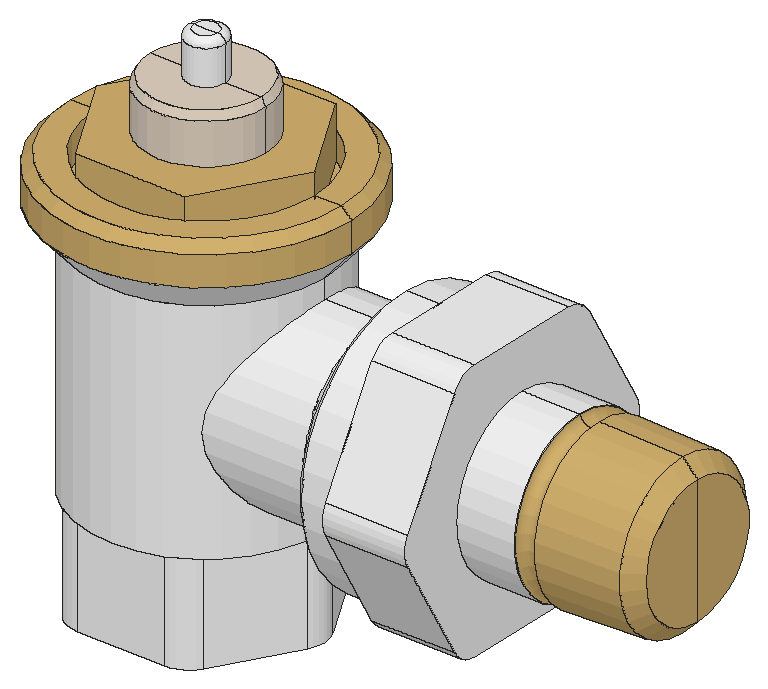
Revit family "Resideo_AngleTRV_V2000Ex", category Pipe Fittings, Revit 2019
Family settings
  Round Connector Dimension = Use Diameter
  Part Type = Elbow
  OmniClass Number = 23.65.55.14
  OmniClass Title = Valves for Liquid Services
  Work Plane-Based = No
  Always vertical = Yes
  Cut with Voids When Loaded = No
  Shared = No
Parameters (values of type "V2000ESX10")
  pH-Value = "8 - 9.5"
  _ObjectUserGuide = "https://www.bimstore.co/products/angled-thermostatic-radiator-valve-v2000e/document/object-user-guide"
  _DistributedBy = "https://www.bimstore.co/"
  _CurrentRevision = 1
  _CreatedBy = "https://www.bimstore.co/"
  _BimSpecGuid = 0
  _BSBibleVersion = 16
  _AuthorizedBy = "bimstore"
  _Author = "AM"
  WarrantyStartDate [instance] = "Please record on commissioning"
  WarrantyGuarantorParts = "https://www.resideo.com/gb/en/contact-us/"
  WarrantyGuarantorLabor = "https://www.resideo.com/gb/en/contact-us/"
  WarrantyDurationUnit = "Year"
  WarrantyDurationParts = "0"
  WarrantyDurationLabor = "0"
  WarrantyDescription = "n/a"
  ValveType = "V2000, SX-type"
  ValveInsertMaterial = Resideo - Plastic - Ivory
  URL = "https://www.resideo.com/"
  TypeName = "V2000ESX10"
  Type Comments = "TRV BODY, DN10 ANGLE, SX, RP3/8"
  ThermostatConnectionType = "M30x1,5 (11,5 mm closing dimension)"
  SpareParts = "n/a"
  Size = "DN10"
  Shape = "n/a"
  SerialNumber [instance] = "Please record on commissioning"
  SecondaryMaterial = Resideo - Brass
  ReplacementCost = "n/a"
  ReferencedStandard = "n/a"
  ProductionYear = "2022"
  PrimaryMaterial = Resideo - Stainless Steel - Brushed
  PresettableKV = "Yes"
  NominalLength = 65.7 mm
  NominalHeight = 52.5 mm
  NominalDepth = 30.2 mm
  NBSReference = "90-10-90/364"
  NBSOfficeMasterTag = "n/a"
  NBSObjectName = "Resideo - Thermostatic radiator valves"
  NBSNote = "n/a"
  NBSDescription = "Thermostatic radiator valves"
  ModelReference = "TRV BODY, DN10 ANGLE, SX, RP3/8"
  ModelNumber = "V2000ESX10"
  Model = "V2000ESX10"
  MinimumMediumTemperature = "-10 °С (without freezing)"
  MediumType = "Water or water-glycol mixture, quality to VDI 2035"
  MaximumOperatingPressure = 10.0 bar
  MaximumMediumTemperature = "120 °С"
  MaximumDifferentialPressureForQuietOperation = 0.2 bar
  MaximumDifferentialPressure = 1.0 bar
  Material = "n/a"
  ManufacturerName = "Resideo"
  Manufacturer = "Resideo"
  Keynote = "R11/180"
  InstallationDate [instance] = "Please record on commissioning"
  InsertType = "VS1200SX01 (valve insert, SX-type)"
  IfcExportType = "IfcValveTypeEnum.REGULATING"
  IfcExportAs = "IfcValve"
  Grade = "n/a"
  FlowCapacity = 0.7 m³/h
  Finish = "n/a"
  Features = "n/a"
  ExpectedLife = 0
  DurationUnit = "Year"
  DocumentationTechnical = "https://www.bimstore.co/products/angled-thermostatic-radiator-valve-v2000e/document/technical-data-sheet"
  DocumentationMaintenance = "https://www.bimstore.co/products/angled-thermostatic-radiator-valve-v2000e/document/maintenance-information"
  DocumentationLiterature = "https://www.bimstore.co/products/angled-thermostatic-radiator-valve-v2000e/document/product-literature"
  DocumentationInstallationGuide = "https://www.bimstore.co/products/angled-thermostatic-radiator-valve-v2000e/document/installation-guide"
  DocumentationCertificates = "https://www.bimstore.co/products/angled-thermostatic-radiator-valve-v2000e/document/product-certificates"
  Description = "TRV BODY, DN10 ANGLE, SX, RP3/8"
  DNSize = 10.0 mm
  DN20 = ConnectionDia = 20.0 mm  # no
  DN15 = ConnectionDia = 15.0 mm  # no
  DN10 = ConnectionDia = 10.0 mm  # yes
  CreatedOn = "2022-04-05 T09:00:00"
  CreatedBy = "https://www.resideo.com/gb/en/contact-us/"
  Cost = 0
  Constituents = "n/a"
  ConnectorOffsetVertical = 22.0 mm
  ConnectorOffsetHorizontal = 50.712 mm
  ConnectionSize = "3/8 inch"
  ConnectionDia = 10.0 mm
  ConnectionRadius = ConnectionDia / 2  # 5.0 mm
  Color = "n/a"
  CodePerformance = "n/a"
  ClassificationValue = "Pr_65_54_95_89"
  ClassificationName = "Uniclass2015"
  BarCode [instance] = "Please record on commissioning"
  BIMObjectName = "Resideo_AngleTRV_V2000E"
  AssetType = "Fixed"
  AssetIdentifier [instance] = "Please record on commissioning"
  Assembly Code = "D2040100"
  AccessibilityPerformance = "n/a"
Types (6, lengths in mm): name | ValveType | ValveInsertMaterial | TypeName | Type Comments | Size | NominalLength | NominalHeight | NominalDepth | ModelReference | ModelNumber | Model | InsertType | FlowCapacity | Description | DNSize | DN20 | DN15 | DN10 | ConnectorOffsetVertical | ConnectorOffsetHorizontal | ConnectionSize | ConnectionDia | ConnectionRadius
  V2000ESX10 | "V2000, SX-type" | Resideo - Plastic - Ivory | "V2000ESX10" | "TRV BODY, DN10 ANGLE, SX, RP3/8" | "DN10" | 65.7 | 52.5 | 30.2 | "TRV BODY, DN10 ANGLE, SX, RP3/8" | "V2000ESX10" | "V2000ESX10" | "VS1200SX01 (valve insert, SX-type)" | 0.7 m³/h | "TRV BODY, DN10 ANGLE, SX, RP3/8" | 10.0 | no | no | yes | 22.0 | 50.712 | "3/8 inch" | 10.0 | 5.0
  V2000ESX15 | "V2000, SX-type" | Resideo - Plastic - Ivory | "V2000ESX15" | "TRV BODY, DN15 ANGLE, SX, RP1/2" | "DN15" | 72.0 | 56.0 | 33.4 | "TRV BODY, DN15 ANGLE, SX, RP1/2" | "V2000ESX15" | "V2000ESX15" | "VS1200SX01 (valve insert, SX-type)" | 0.7 m³/h | "TRV BODY, DN15 ANGLE, SX, RP1/2" | 15.0 | no | yes | no | 26.0 | 57.0 | "1/2 inch" | 15.0 | 7.5
  V2000ESX20 | "V2000, SX-type" | Resideo - Plastic - Ivory | "V2000ESX20" | "TRV BODY, DN20 ANGLE, SX, RP3/4" | "DN20" | 80.0 | 60.7 | 41.0 | "TRV BODY, DN20 ANGLE, SX, RP3/4" | "V2000ESX20" | "V2000ESX20" | "VS1200SX01 (valve insert, SX-type)" | 0.7 m³/h | "TRV BODY, DN20 ANGLE, SX, RP3/4" | 20.0 | yes | no | no | 29.0 | 65.0 | "3/4 inch" | 20.0 | 10.0
  V2000EFX10 | "V2000, FX-type" | Resideo - Plastic - Red | "V2000EFX10" | "TRV BODY, DN10 ANGLE, FX, RP3/8" | "DN10" | 65.7 | 52.5 | 30.2 | "TRV BODY, DN10 ANGLE, FX, RP3/8" | "V2000EFX10" | "V2000EFX10" | "VS1200FX01 (valve insert, FX-type)" | 0.285 m³/h | "TRV BODY, DN10 ANGLE, FX, RP3/8" | 10.0 | no | no | yes | 22.0 | 50.712 | "3/8 inch" | 10.0 | 5.0
  V2000EFX15 | "V2000, FX-type" | Resideo - Plastic - Red | "V2000EFX15" | "TRV BODY, DN15 ANGLE, FX, RP1/2" | "DN15" | 72.0 | 56.0 | 33.4 | "TRV BODY, DN15 ANGLE, FX, RP1/2" | "V2000EFX15" | "V2000EFX15" | "VS1200FX01 (valve insert, FX-type)" | 0.285 m³/h | "TRV BODY, DN15 ANGLE, FX, RP1/2" | 15.0 | no | yes | no | 26.0 | 57.0 | "1/2 inch" | 15.0 | 7.5
  V2000ELX15 | "V2000, LX-type" | Resideo - Plastic - Dark Green | "V2000ELX15" | "TRV BODY, DN15 ANGLE, LX, RP1/2" | "DN15" | 72.0 | 56.0 | 33.4 | "TRV BODY, DN15 ANGLE, LX, RP1/2" | "V2000ELX15" | "V2000ELX15" | "VS1200LX01 (valve insert, LX-type)" | 1.08 m³/h | "TRV BODY, DN15 ANGLE, LX, RP1/2" | 15.0 | no | yes | no | 26.0 | 57.0 | "1/2 inch" | 15.0 | 7.5
Reference planes
  plane 1 "Center (Front/Back)": y = 0
  plane 2: z = 0
  plane 3 "Center (Left/Right)": x = 0
  plane 4: z = -22
  plane 5: x = 50.712
Forms (mm)
  Revolve 1, solid, material "Resideo - Stainless Steel - Brushed" <- "PrimaryMaterial", visible <- "DN10"
    sketch origin (0, 0, 0) x (1, 0, 0) y (0, 0, 1)
      loop
        line (0, 30.5) -> (-1.22, 30.5)
        arc (-1.22, 30.5) -> (-1.758, 30.278) -> (-1.98, 29.74) r 0.76
        line (-1.98, 29.74) -> (-1.98, 26.2) -> (0, 26.2) -> (0, 30.5)
      axis (0, 26.2) -> (0, 30.5)
    angle from 0 to 360
  Revolve 2, solid, material "Resideo - Brass" <- "SecondaryMaterial", visible <- "DN10"
    sketch origin (0, 0, 0) x (1, 0, 0) y (0, 0, 1)
      loop
        line (-15, 14.923) -> (0, 14.923) -> (0, 15.923) -> (-11.25, 15.923) -> (-11.25, 19) -> (-14, 19) -> (-15, 18) -> (-15, 14.923)
      axis (0, 14.923) -> (0, 19)
    angle from 0 to 360
  Extrusion 3, solid, material "Resideo - Brass" <- "SecondaryMaterial", visible <- "DN10"
    sketch origin (0, 0, 0) x (1, 0, 0) y (0, 1, 0)
      loop
        line (-11.25, 0) -> (-5.625, -9.743) -> (5.625, -9.743) -> (11.25, 0) -> (5.625, 9.743) -> (-5.625, 9.743) -> (-11.25, 0)
    from 15.923 to 21.2
  Revolve 4, solid, material "Resideo - Plastic - Ivory" <- "ValveInsertMaterial", visible <- "DN10"
    sketch origin (0, 0, 0) x (1, 0, 0) y (0, 0, 1)
      loop
        line (0, 26.2) -> (-5.742, 26.2) -> (-6.204, 25.401) -> (-6.204, 21.2) -> (0, 21.2) -> (0, 26.2)
      axis (0, 21.2) -> (0, 26.2)
    angle from 0 to 360
  Extrusion 5, solid, material "Resideo - Stainless Steel - Brushed" <- "PrimaryMaterial", visible <- "DN10"
    sketch origin (0, 0, 0) x (1, 0, 0) y (0, 1, 0)
      loop
        line (7.278, -9.395) -> (11.775, -1.605)
        arc (11.775, -1.605) -> (12.205, 0) -> (11.775, 1.605) r 3.21
        line (11.775, 1.605) -> (7.278, 9.395)
        arc (7.278, 9.395) -> (6.103, 10.57) -> (4.497, 11) r 3.21
        line (4.497, 11) -> (-4.497, 11)
        arc (-4.497, 11) -> (-6.103, 10.57) -> (-7.278, 9.395) r 3.21
        line (-7.278, 9.395) -> (-11.775, 1.605)
        arc (-11.775, 1.605) -> (-12.205, 0) -> (-11.775, -1.605) r 3.21
        line (-11.775, -1.605) -> (-7.278, -9.395)
        arc (-7.278, -9.395) -> (-6.103, -10.57) -> (-4.497, -11) r 3.21
        line (-4.497, -11) -> (4.497, -11)
        arc (4.497, -11) -> (6.103, -10.57) -> (7.278, -9.395) r 3.21
      loop
        circle (0, 0) r 5
    from -22 to -11.737
  Revolve 6, solid, material "Resideo - Stainless Steel - Brushed" <- "PrimaryMaterial", visible <- "DN10"
    sketch origin (0, 0, 0) x (1, 0, 0) y (0, 0, 1)
      loop
        line (-12.205, -11.737) -> (0, -11.737) -> (0, 14.923) -> (-15, 14.923) -> (-12.205, 11.747) -> (-12.205, -11.737)
      axis (0, -11.737) -> (0, 14.923)
    angle from 0 to 360
  Revolve 7, solid, material "Resideo - Stainless Steel - Brushed" <- "PrimaryMaterial", visible <- "DN10"
    sketch origin (0, 0, 0) x (1, 0, 0) y (0, 0, 1)
      loop
        line (0, 0) -> (24.068, 0) -> (24.068, 13.496) -> (20.665, 13.496) -> (20.068, 12.9) -> (20.068, 11.436) -> (17.758, 9.75) -> (0, 9.75) -> (0, 0)
      loop
        line (38.613, 8.469) -> (32.568, 8.469) -> (32.568, 0) -> (38.613, 0) -> (38.613, 8.469)
      axis (38.613, 0) -> (0, 0)
    angle from 0 to 360
  Extrusion 8, solid, material "Resideo - Stainless Steel - Brushed" <- "PrimaryMaterial", visible <- "DN10"
    sketch origin (0, 0, 0) x (0, 1, 0) y (0, 0, 1)
      loop
        line (-8.668, 11.987) -> (-14.715, 1.513)
        arc (-14.715, 1.513) -> (-15.12, 0) -> (-14.715, -1.513) r 3.027
        line (-14.715, -1.513) -> (-8.668, -11.987)
        arc (-8.668, -11.987) -> (-7.56, -13.094) -> (-6.047, -13.5) r 3.027
        line (-6.047, -13.5) -> (6.047, -13.5)
        arc (6.047, -13.5) -> (7.56, -13.094) -> (8.668, -11.987) r 3.027
        line (8.668, -11.987) -> (14.715, -1.513)
        arc (14.715, -1.513) -> (15.12, 0) -> (14.715, 1.513) r 3.027
        line (14.715, 1.513) -> (8.668, 11.987)
        arc (8.668, 11.987) -> (7.56, 13.094) -> (6.047, 13.5) r 3.027
        line (6.047, 13.5) -> (-6.047, 13.5)
        arc (-6.047, 13.5) -> (-7.56, 13.094) -> (-8.668, 11.987) r 3.027
    from 24.068 to 32.568
  Revolve 9, solid, material "Resideo - Brass" <- "SecondaryMaterial", visible <- "DN10"
    sketch origin (0, 0, 0) x (1, 0, 0) y (0, 0, 1)
      loop
        line (38.613, 0) -> (50.712, 0) -> (50.712, 6.593) -> (49.163, 8.141) -> (40.612, 8.416)
        arc (40.612, 8.416) -> (39.587, 7.492) -> (38.613, 8.469) r 1.001
        line (38.613, 8.469) -> (38.613, 0)
      axis (38.613, 0) -> (50.712, 0)
    angle from 0 to 360
  Revolve 10, solid, material "Resideo - Brass" <- "SecondaryMaterial", visible <- "DN15"
    sketch origin (0, 0, 0) x (1, 0, 0) y (0, 0, 1)
      loop
        line (56.98, 0) -> (56.98, 8.784) -> (55.48, 10.284) -> (43.78, 10.65)
        arc (43.78, 10.65) -> (42.322, 9.496) -> (40.863, 10.65) r 1.499
        line (40.863, 10.65) -> (40.863, 0) -> (56.98, 0)
      axis (40.863, 0) -> (56.98, 0)
    angle from 0 to 360
  Revolve 11, solid, material "Resideo - Stainless Steel - Brushed" <- "PrimaryMaterial", visible <- "DN15"
    sketch origin (0, 0, 0) x (1, 0, 0) y (0, 0, 1)
      loop
        line (40.863, 10.65) -> (35.324, 10.65) -> (35.324, 0) -> (40.863, 0) -> (40.863, 10.65)
      loop
        line (25.324, 14.99) -> (22.043, 14.99) -> (21.324, 14.271) -> (21.324, 11) -> (0, 11) -> (0, 0) -> (25.324, 0) -> (25.324, 14.99)
      axis (40.863, 0) -> (0, 0)
    angle from 0 to 360
  Revolve 12, solid, material "Resideo - Stainless Steel - Brushed" <- "PrimaryMaterial", visible <- "DN15"
    sketch origin (0, 0, 0) x (1, 0, 0) y (0, 0, 1)
      loop
        line (0, 30.5) -> (-1.189, 30.5)
        arc (-1.189, 30.5) -> (-1.748, 30.268) -> (-1.98, 29.709) r 0.791
        line (-1.98, 29.709) -> (-1.98, 26.2) -> (0, 26.2) -> (0, 30.5)
      axis (0, 26.2) -> (0, 30.5)
    angle from 0 to 360
  Revolve 13, solid, material "Resideo - Brass" <- "SecondaryMaterial", visible <- "DN15"
    sketch origin (0, 0, 0) x (1, 0, 0) y (0, 0, 1)
      loop
        line (-15, 14.49) -> (0, 14.49) -> (0, 15.923) -> (-11.25, 15.923) -> (-11.25, 19) -> (-14, 19) -> (-15, 18) -> (-15, 14.49)
      axis (0, 19) -> (0, 14.49)
    angle from 0 to 360
  Extrusion 14, solid, material "Resideo - Brass" <- "SecondaryMaterial", visible <- "DN15"
    sketch origin (0, 0, 0) x (1, 0, 0) y (0, 1, 0)
      loop
        line (-11.25, 0) -> (-5.625, -9.743) -> (5.625, -9.743) -> (11.25, 0) -> (5.625, 9.743) -> (-5.625, 9.743) -> (-11.25, 0)
    from 15.923 to 21.2
  Revolve 15, solid, material "Resideo - Plastic - Ivory" <- "ValveInsertMaterial", visible <- "DN15"
    sketch origin (0, 0, 0) x (1, 0, 0) y (0, 0, 1)
      loop
        line (0, 26.2) -> (-5.742, 26.2) -> (-6.204, 25.401) -> (-6.204, 21.2) -> (0, 21.2) -> (0, 26.2)
      axis (0, 21.2) -> (0, 26.2)
    angle from 0 to 360
  Revolve 16, solid, material "Resideo - Stainless Steel - Brushed" <- "PrimaryMaterial", visible <- "DN15"
    sketch origin (0, 0, 0) x (1, 0, 0) y (0, 0, 1)
      loop
        line (0, -12.8) -> (0, 14.49) -> (-15, 14.49) -> (-12.5, 13.191) -> (-12.5, -12.8) -> (0, -12.8)
      axis (0, 14.49) -> (0, -12.8)
    angle from 0 to 360
  Extrusion 17, solid, material "Resideo - Stainless Steel - Brushed" <- "PrimaryMaterial", visible <- "DN15"
    sketch origin (0, 0, 0) x (1, 0, 0) y (0, 1, 0)
      loop
        line (-14.177, -3.111) -> (-9.783, -10.722)
        arc (-9.783, -10.722) -> (-7.505, -13) -> (-4.394, -13.833) r 6.223
        line (-4.394, -13.833) -> (4.394, -13.833)
        arc (4.394, -13.833) -> (7.505, -13) -> (9.783, -10.722) r 6.223
        line (9.783, -10.722) -> (14.177, -3.111)
        arc (14.177, -3.111) -> (15.011, 0) -> (14.177, 3.111) r 6.223
        line (14.177, 3.111) -> (9.783, 10.722)
        arc (9.783, 10.722) -> (7.505, 13) -> (4.394, 13.833) r 6.223
        line (4.394, 13.833) -> (-4.394, 13.833)
        arc (-4.394, 13.833) -> (-7.505, 13) -> (-9.783, 10.722) r 6.223
        line (-9.783, 10.722) -> (-14.177, 3.111)
        arc (-14.177, 3.111) -> (-15.011, 0) -> (-14.177, -3.111) r 6.223
      loop
        circle (0, 0) r 5
    from -26 to -12.8
  Extrusion 18, solid, material "Resideo - Stainless Steel - Brushed" <- "PrimaryMaterial", visible <- "DN15"
    sketch origin (0, 0, 0) x (0, 1, 0) y (0, 0, 1)
      loop
        line (-9.815, 13) -> (-16.166, 2)
        arc (-16.166, 2) -> (-16.702, 0) -> (-16.166, -2) r 4
        line (-16.166, -2) -> (-9.815, -13)
        arc (-9.815, -13) -> (-8.351, -14.464) -> (-6.351, -15) r 4
        line (-6.351, -15) -> (6.351, -15)
        arc (6.351, -15) -> (8.351, -14.464) -> (9.815, -13) r 4
        line (9.815, -13) -> (16.166, -2)
        arc (16.166, -2) -> (16.702, 0) -> (16.166, 2) r 4
        line (16.166, 2) -> (9.82, 12.992)
        arc (9.82, 12.992) -> (8.35, 14.462) -> (6.341, 15) r 4.016
        line (6.341, 15) -> (-6.351, 15)
        arc (-6.351, 15) -> (-8.351, 14.464) -> (-9.815, 13) r 4
    from 25.324 to 35.324
  Revolve 19, solid, material "Resideo - Stainless Steel - Brushed" <- "PrimaryMaterial", visible <- "DN20"
    sketch origin (0, 0, 0) x (1, 0, 0) y (0, 0, 1)
      loop
        line (0, 31.75) -> (-1.18, 31.75)
        arc (-1.18, 31.75) -> (-1.746, 31.516) -> (-1.98, 30.95) r 0.8
        line (-1.98, 30.95) -> (-1.98, 27.424) -> (0, 27.424) -> (0, 31.75)
      axis (0, 27.424) -> (0, 31.75)
    angle from 0 to 360
  Revolve 20, solid, material "Resideo - Brass" <- "SecondaryMaterial", visible <- "DN20"
    sketch origin (0, 0, 0) x (1, 0, 0) y (0, 0, 1)
      loop
        line (-15, 15.673) -> (0, 15.673) -> (0, 16.75) -> (-11.25, 16.75) -> (-11.25, 20.242) -> (-14.008, 20.242) -> (-15, 19.25) -> (-15, 15.673)
      axis (0, 20.242) -> (0, 15.673)
    angle from 0 to 360
  Extrusion 21, solid, material "Resideo - Brass" <- "SecondaryMaterial", visible <- "DN20"
    sketch origin (0, 0, 0) x (1, 0, 0) y (0, 1, 0)
      loop
        line (-11.25, 0) -> (-5.625, -9.743) -> (5.625, -9.743) -> (11.25, 0) -> (5.625, 9.743) -> (-5.625, 9.743) -> (-11.25, 0)
    from 16.75 to 22.424
  Revolve 22, solid, material "Resideo - Plastic - Ivory" <- "ValveInsertMaterial", visible <- "DN20"
    sketch origin (0, 0, 0) x (1, 0, 0) y (0, 0, 1)
      loop
        line (0, 27.424) -> (-5.742, 27.424) -> (-6.204, 26.625) -> (-6.204, 22.424) -> (0, 22.424) -> (0, 27.424)
      axis (0, 22.424) -> (0, 27.424)
    angle from 0 to 360
  Revolve 23, solid, material "Resideo - Stainless Steel - Brushed" <- "PrimaryMaterial", visible <- "DN20"
    sketch origin (0, 0, 0) x (1, 0, 0) y (0, 0, 1)
      loop
        line (-12, 12.786) -> (-12, -4.845) -> (-13, -6.577)
        arc (-13, -6.577) -> (-14.414, -7.163) -> (-15, -8.577) r 2
        line (-15, -8.577) -> (-15, -13.254) -> (0, -13.254) -> (0, 15.673) -> (-15, 15.673) -> (-12, 12.786)
      axis (0, 15.673) -> (0, -13.254)
    angle from 0 to 360
  Revolve 24, solid, material "Resideo - Stainless Steel - Brushed" <- "PrimaryMaterial", visible <- "DN20"
    sketch origin (0, 0, 0) x (1, 0, 0) y (0, 0, 1)
      loop
        line (22.392, 12.75) -> (2.961, 12.75)
        arc (2.961, 12.75) -> (0.867, 11.883) -> (0, 9.789) r 2.961
        line (0, 9.789) -> (0, 0) -> (28.841, 0) -> (28.841, 18.459) -> (25.5, 18.459) -> (24.841, 17.801) -> (24.841, 15.482) -> (22.392, 12.75)
      loop
        line (40.341, 13.4) -> (40.341, 0) -> (47.484, 0) -> (47.484, 13.4) -> (40.341, 13.4)
      axis (0, 0) -> (47.484, 0)
    angle from 0 to 360
  Revolve 25, solid, material "Resideo - Brass" <- "SecondaryMaterial", visible <- "DN20"
    sketch origin (0, 0, 0) x (1, 0, 0) y (0, 0, 1)
      loop
        line (64.984, 0) -> (64.984, 11.424) -> (63.436, 12.972) -> (50.484, 13.377)
        arc (50.484, 13.377) -> (48.973, 11.867) -> (47.484, 13.4) r 1.5
        line (47.484, 13.4) -> (47.484, 0) -> (64.984, 0)
      axis (47.484, 0) -> (64.984, 0)
    angle from 0 to 360
  Extrusion 26, solid, material "Resideo - Stainless Steel - Brushed" <- "PrimaryMaterial", visible <- "DN20"
    sketch origin (0, 0, 0) x (1, 0, 0) y (0, 1, 0)
      loop
        line (-17.322, -1.997) -> (-10.392, -14)
        arc (-10.392, -14) -> (-8.928, -15.464) -> (-6.928, -16) r 4
        line (-6.928, -16) -> (6.928, -16)
        arc (6.928, -16) -> (8.928, -15.464) -> (10.392, -14) r 4
        line (10.392, -14) -> (17.321, -2)
        arc (17.321, -2) -> (17.856, 0) -> (17.321, 2) r 4
        line (17.321, 2) -> (10.392, 14)
        arc (10.392, 14) -> (8.928, 15.464) -> (6.928, 16) r 4
        line (6.928, 16) -> (-6.928, 16)
        arc (-6.928, 16) -> (-8.928, 15.464) -> (-10.392, 14) r 4
        line (-10.392, 14) -> (-17.322, 1.997)
        arc (-17.322, 1.997) -> (-17.857, 0) -> (-17.322, -1.997) r 3.995
      loop
        circle (0, 0) r 5
    from -29 to -13.254
  Extrusion 27, solid, material "Resideo - Stainless Steel - Brushed" <- "PrimaryMaterial", visible <- "DN20"
    sketch origin (0, 0, 0) x (0, 1, 0) y (0, 0, 1)
      loop
        line (-12.269, 15.75) -> (-19.774, 2.75)
        arc (-19.774, 2.75) -> (-20.511, 0) -> (-19.774, -2.75) r 5.5
        line (-19.774, -2.75) -> (-12.269, -15.75)
        arc (-12.269, -15.75) -> (-10.256, -17.763) -> (-7.506, -18.5) r 5.5
        line (-7.506, -18.5) -> (7.506, -18.5)
        arc (7.506, -18.5) -> (10.256, -17.763) -> (12.269, -15.75) r 5.5
        line (12.269, -15.75) -> (19.774, -2.75)
        arc (19.774, -2.75) -> (20.511, 0) -> (19.774, 2.75) r 5.5
        line (19.774, 2.75) -> (12.266, 15.755)
        arc (12.266, 15.755) -> (10.256, 17.764) -> (7.511, 18.5) r 5.491
        line (7.511, 18.5) -> (-7.506, 18.5)
        arc (-7.506, 18.5) -> (-10.256, 17.763) -> (-12.269, 15.75) r 5.5
    from 28.841 to 40.341
  Extrusion 28, solid, not visible
    sketch origin (0, 0, 0) x (1, 0, 0) y (0, 1, 0)
      loop
        circle (0, 0) r 2.5
    from -22 to 0
  Extrusion 29, solid, not visible
    sketch origin (0, 0, 0) x (0, 1, 0) y (0, 0, 1)
      loop
        circle (0, 0) r 2.5
    from 0 to 50.712
Cuts and joins
  joined: Revolve 11, Revolve 16
  joined: Revolve 23, Revolve 24
Dimensions and locks
  "ConnectorOffsetVertical": level to plane 4
  "ConnectorOffsetHorizontal": plane 5 to plane 3 "Center (Left/Right)"
  "ConnectionRadius": radius of Extrusion 5 sketch curve
  "ConnectionRadius": radius of Extrusion 17 sketch curve
  "ConnectionRadius": radius of Extrusion 26 sketch curve
  radius of Extrusion 28 sketch curve = 2.5 mm
  radius of Extrusion 29 sketch curve = 2.5 mm
  aligned and locked: level to plane 2
  aligned and locked: plane 1 "Center (Front/Back)" to Extrusion 5 sketch curve
  aligned and locked: plane 3 "Center (Left/Right)" to Extrusion 5 sketch curve
  aligned and locked: plane 1 "Center (Front/Back)" to Extrusion 17 sketch curve
  aligned and locked: plane 3 "Center (Left/Right)" to Extrusion 17 sketch curve
  aligned and locked: plane 1 "Center (Front/Back)" to Extrusion 26 sketch curve
  aligned and locked: plane 3 "Center (Left/Right)" to Extrusion 26 sketch curve
  aligned and locked: plane 1 "Center (Front/Back)" to Extrusion 28 sketch curve
  aligned and locked: plane 3 "Center (Left/Right)" to Extrusion 28 sketch curve
  aligned and locked: level to Extrusion 28
  aligned and locked: plane 4 to Extrusion 28
  aligned and locked: level to Extrusion 29 sketch curve
  aligned and locked: plane 1 "Center (Front/Back)" to Extrusion 29 sketch curve
  aligned and locked: Extrusion 29 to plane 3 "Center (Left/Right)"
  aligned and locked: Extrusion 29 to plane 5
Automatic sketch dimensions
  Revolve 1 sketch curve to plane 3 "Center (Left/Right)" = 0.0 mm  (x2)
  Revolve 1 sketch curve to Revolve 1 sketch curve = 1.22 mm
  Revolve 1 sketch curve to Revolve 1 sketch curve = 1.98 mm
  level to Revolve 1 sketch curve = 26.2 mm
  Revolve 1 sketch curve to Revolve 1 sketch curve = 3.54 mm
  Revolve 1 sketch curve to Revolve 1 sketch curve = 0.442 mm
  Revolve 1 sketch curve to Revolve 1 sketch curve = 1.913 mm
  Revolve 2 sketch curve to plane 3 "Center (Left/Right)" = 0.0 mm  (x2)
  Revolve 2 sketch curve to plane 3 "Center (Left/Right)" = 11.25 mm
  Revolve 2 sketch curve to Revolve 2 sketch curve = 2.75 mm
  Revolve 2 sketch curve to Revolve 2 sketch curve = 3.75 mm
  level to Revolve 2 sketch curve = 14.923 mm
  Revolve 2 sketch curve to Revolve 2 sketch curve = 1.0 mm
  Revolve 2 sketch curve to Revolve 2 sketch curve = 3.077 mm  (x2)
  Revolve 2 sketch curve to Revolve 2 sketch curve = 4.846 mm
  Revolve 2 sketch curve to Revolve 2 sketch curve = 10.722 mm
  plane 1 "Center (Front/Back)" to Extrusion 3 sketch curve = 0.0 mm  (x2)
  Extrusion 3 sketch curve to plane 3 "Center (Left/Right)" = 11.25 mm
  Extrusion 3 sketch curve to plane 3 "Center (Left/Right)" = 5.625 mm  (x2)
  plane 3 "Center (Left/Right)" to Extrusion 3 sketch curve = 5.625 mm  (x2)
  Extrusion 3 sketch curve to Extrusion 3 sketch curve = 5.625 mm
  plane 1 "Center (Front/Back)" to Extrusion 3 sketch curve = 9.743 mm
  Extrusion 3 sketch curve to plane 1 "Center (Front/Back)" = 9.743 mm
  Revolve 4 sketch curve to plane 3 "Center (Left/Right)" = 0.0 mm  (x2)
  Revolve 4 sketch curve to Revolve 4 sketch curve = 5.742 mm
  Revolve 4 sketch curve to Revolve 4 sketch curve = 0.461 mm
  level to Revolve 4 sketch curve = 21.2 mm
  Revolve 4 sketch curve to Revolve 4 sketch curve = 4.201 mm
  Revolve 4 sketch curve to Revolve 4 sketch curve = 0.799 mm
  Revolve 4 sketch curve to Revolve 4 sketch curve = 0.0 mm
  Revolve 4 sketch curve to Revolve 4 sketch curve = 2.8 mm
  Revolve 6 sketch curve to plane 3 "Center (Left/Right)" = 0.0 mm  (x2)
  Revolve 6 sketch curve to plane 3 "Center (Left/Right)" = 12.205 mm
  Revolve 6 sketch curve to Revolve 6 sketch curve = 2.795 mm
  Revolve 6 sketch curve to plane 4 = 10.263 mm
  level to Revolve 6 sketch curve = 11.747 mm
  Revolve 6 sketch curve to Revolve 6 sketch curve = 3.175 mm
  Revolve 6 sketch curve to Revolve 6 sketch curve = 1.502 mm
  Revolve 6 sketch curve to Revolve 6 sketch curve = 2.013 mm
  Revolve 7 sketch curve to level = 0.0 mm  (x3)
  Revolve 7 sketch curve to plane 3 "Center (Left/Right)" = 0.0 mm
  plane 3 "Center (Left/Right)" to Revolve 7 sketch curve = 17.758 mm
  Revolve 7 sketch curve to Revolve 7 sketch curve = 2.311 mm
  Revolve 7 sketch curve to Revolve 7 sketch curve = 0.596 mm  (x2)
  Revolve 7 sketch curve to Revolve 7 sketch curve = 3.404 mm
  Revolve 7 sketch curve to Revolve 7 sketch curve = 8.5 mm
  Revolve 7 sketch curve to Revolve 7 sketch curve = 6.045 mm
  level to Revolve 7 sketch curve = 8.469 mm
  level to Revolve 7 sketch curve = 9.75 mm
  Revolve 7 sketch curve to Revolve 7 sketch curve = 1.686 mm
  Revolve 7 sketch curve to Revolve 7 sketch curve = 1.464 mm
  Revolve 7 sketch curve to Revolve 7 sketch curve = 3.71 mm
  Revolve 7 sketch curve to plane 5 = 10.678 mm
  Extrusion 8 sketch curve to level = 0.0 mm  (x2)
  level to Extrusion 8 sketch curve = 1.513 mm  (x2)
  plane 1 "Center (Front/Back)" to Extrusion 8 sketch curve = 14.715 mm
  Extrusion 8 sketch curve to level = 1.513 mm  (x2)
  Extrusion 8 sketch curve to Extrusion 8 sketch curve = 2.621 mm  (x6)
  plane 1 "Center (Front/Back)" to Extrusion 8 sketch curve = 8.668 mm  (x2)
  Extrusion 8 sketch curve to plane 1 "Center (Front/Back)" = 6.047 mm  (x2)
  Extrusion 8 sketch curve to Extrusion 8 sketch curve = 6.047 mm
  Extrusion 8 sketch curve to level = 10.473 mm  (x2)
  Extrusion 8 sketch curve to Extrusion 8 sketch curve = 1.513 mm  (x2)
  level to Extrusion 8 sketch curve = 10.473 mm  (x2)
  Revolve 9 sketch curve to level = 0.0 mm  (x2)
  plane 5 to Revolve 9 sketch curve = 0.0 mm
  plane 5 to Revolve 9 sketch curve = 1.548 mm
  Revolve 9 sketch curve to Revolve 9 sketch curve = 8.552 mm
  Revolve 9 sketch curve to Revolve 9 sketch curve = 0.998 mm
  Revolve 9 sketch curve to Revolve 9 sketch curve = 1.001 mm
  level to Revolve 9 sketch curve = 6.593 mm
  Revolve 9 sketch curve to Revolve 9 sketch curve = 1.548 mm
  level to Revolve 9 sketch curve = 8.416 mm
  Revolve 9 sketch curve to Revolve 9 sketch curve = 0.053 mm
  Revolve 9 sketch curve to Revolve 9 sketch curve = 1.212 mm
  Revolve 9 sketch curve to plane 5 = 1.689 mm
  Revolve 10 sketch curve to level = 0.0 mm  (x2)
  plane 5 to Revolve 10 sketch curve = 9.848 mm
  Revolve 10 sketch curve to Revolve 10 sketch curve = 1.459 mm  (x2)
  Revolve 10 sketch curve to plane 5 = 4.769 mm
  Revolve 10 sketch curve to Revolve 10 sketch curve = 1.5 mm  (x2)
  level to Revolve 10 sketch curve = 8.784 mm
  level to Revolve 10 sketch curve = 10.65 mm
  Revolve 10 sketch curve to Revolve 10 sketch curve = 0.345 mm
  Revolve 10 sketch curve to Revolve 10 sketch curve = 1.256 mm
  Revolve 10 sketch curve to Revolve 10 sketch curve = 1.743 mm
  Revolve 11 sketch curve to plane 3 "Center (Left/Right)" = 0.0 mm
  Revolve 11 sketch curve to level = 0.0 mm  (x3)
  plane 3 "Center (Left/Right)" to Revolve 11 sketch curve = 21.324 mm
  Revolve 11 sketch curve to Revolve 11 sketch curve = 0.72 mm  (x2)
  Revolve 11 sketch curve to Revolve 11 sketch curve = 4.0 mm
  Revolve 11 sketch curve to Revolve 11 sketch curve = 10.0 mm
  Revolve 11 sketch curve to Revolve 11 sketch curve = 5.539 mm
  level to Revolve 11 sketch curve = 10.65 mm
  level to Revolve 11 sketch curve = 11.0 mm
  Revolve 11 sketch curve to Revolve 11 sketch curve = 3.271 mm
  plane 5 to Revolve 11 sketch curve = 0.979 mm
  Revolve 11 sketch curve to plane 5 = 17.274 mm
  Revolve 13 sketch curve to plane 3 "Center (Left/Right)" = 0.0 mm  (x2)
  Revolve 13 sketch curve to plane 3 "Center (Left/Right)" = 11.25 mm
  Revolve 13 sketch curve to Revolve 13 sketch curve = 2.75 mm
  Revolve 13 sketch curve to Revolve 13 sketch curve = 3.75 mm
  level to Revolve 13 sketch curve = 14.49 mm
  Revolve 13 sketch curve to Revolve 13 sketch curve = 1.433 mm
  Revolve 13 sketch curve to Revolve 13 sketch curve = 3.51 mm
  Revolve 13 sketch curve to Revolve 13 sketch curve = 3.077 mm
  Revolve 13 sketch curve to Revolve 13 sketch curve = 11.057 mm
  Revolve 13 sketch curve to Revolve 13 sketch curve = 7.021 mm
  Revolve 15 sketch curve to plane 3 "Center (Left/Right)" = 0.0 mm  (x2)
  Revolve 15 sketch curve to Revolve 15 sketch curve = 5.742 mm
  Revolve 15 sketch curve to Revolve 15 sketch curve = 0.461 mm
  Revolve 15 sketch curve to Revolve 15 sketch curve = 4.201 mm
  Revolve 15 sketch curve to Revolve 15 sketch curve = 0.799 mm
  Revolve 15 sketch curve to Revolve 15 sketch curve = 0.0 mm
  Revolve 15 sketch curve to Revolve 15 sketch curve = 2.8 mm
  Revolve 16 sketch curve to plane 3 "Center (Left/Right)" = 0.0 mm  (x2)
  Revolve 16 sketch curve to Revolve 16 sketch curve = 12.5 mm
  Revolve 16 sketch curve to Revolve 16 sketch curve = 2.5 mm
  Revolve 16 sketch curve to plane 4 = 9.2 mm
  level to Revolve 16 sketch curve = 13.191 mm
  Revolve 16 sketch curve to Revolve 16 sketch curve = 1.299 mm
  Revolve 16 sketch curve to Revolve 16 sketch curve = 7.991 mm
  Revolve 16 sketch curve to Revolve 16 sketch curve = 8.652 mm
  Extrusion 18 sketch curve to level = 0.0 mm  (x2)
  level to Extrusion 18 sketch curve = 2.0 mm  (x2)
  plane 1 "Center (Front/Back)" to Extrusion 18 sketch curve = 16.166 mm
  Extrusion 18 sketch curve to level = 2.0 mm  (x2)
  Extrusion 18 sketch curve to Extrusion 18 sketch curve = 3.464 mm  (x5)
  plane 1 "Center (Front/Back)" to Extrusion 18 sketch curve = 9.815 mm  (x2)
  Extrusion 18 sketch curve to plane 1 "Center (Front/Back)" = 6.341 mm
  Extrusion 18 sketch curve to plane 1 "Center (Front/Back)" = 6.351 mm
  Extrusion 18 sketch curve to Extrusion 18 sketch curve = 3.478 mm
  Extrusion 18 sketch curve to Extrusion 18 sketch curve = 6.36 mm
  Extrusion 18 sketch curve to level = 11.0 mm
  Extrusion 18 sketch curve to plane 4 = 11.0 mm
  Extrusion 18 sketch curve to Extrusion 18 sketch curve = 2.0 mm
  level to Extrusion 18 sketch curve = 10.984 mm
  level to Extrusion 18 sketch curve = 11.0 mm
  Extrusion 18 sketch curve to Extrusion 18 sketch curve = 2.008 mm
  Revolve 19 sketch curve to plane 3 "Center (Left/Right)" = 0.0 mm  (x2)
  Revolve 19 sketch curve to plane 3 "Center (Left/Right)" = 1.18 mm
  Revolve 19 sketch curve to Revolve 19 sketch curve = 0.8 mm
  level to Revolve 19 sketch curve = 27.424 mm
  Revolve 19 sketch curve to Revolve 19 sketch curve = 3.526 mm
  Revolve 19 sketch curve to Revolve 19 sketch curve = 1.05 mm
  Revolve 19 sketch curve to Revolve 19 sketch curve = 1.314 mm
  Revolve 20 sketch curve to plane 3 "Center (Left/Right)" = 0.0 mm  (x2)
  Revolve 20 sketch curve to plane 3 "Center (Left/Right)" = 11.25 mm
  Revolve 20 sketch curve to Revolve 20 sketch curve = 2.758 mm
  Revolve 20 sketch curve to Revolve 20 sketch curve = 0.992 mm
  level to Revolve 20 sketch curve = 15.673 mm
  Revolve 20 sketch curve to Revolve 20 sketch curve = 1.077 mm
  Revolve 20 sketch curve to Revolve 20 sketch curve = 3.577 mm
  Revolve 20 sketch curve to Revolve 20 sketch curve = 3.492 mm
  Revolve 20 sketch curve to Revolve 20 sketch curve = 16.141 mm
  Revolve 20 sketch curve to Revolve 20 sketch curve = 2.351 mm
  Revolve 23 sketch curve to plane 3 "Center (Left/Right)" = 0.0 mm  (x2)
  Revolve 23 sketch curve to plane 3 "Center (Left/Right)" = 12.0 mm
  Revolve 23 sketch curve to Revolve 23 sketch curve = 1.0 mm
  Revolve 23 sketch curve to Revolve 23 sketch curve = 3.0 mm
  Revolve 23 sketch curve to Revolve 23 sketch curve = 2.0 mm
  Revolve 23 sketch curve to plane 4 = 8.746 mm
  Revolve 23 sketch curve to Revolve 23 sketch curve = 4.677 mm
  Revolve 23 sketch curve to Revolve 23 sketch curve = 1.732 mm
  level to Revolve 23 sketch curve = 12.786 mm
  Revolve 23 sketch curve to Revolve 23 sketch curve = 2.887 mm
  Revolve 23 sketch curve to Revolve 23 sketch curve = 21.712 mm
  Revolve 23 sketch curve to Revolve 23 sketch curve = 13.288 mm
  Revolve 24 sketch curve to level = 0.0 mm  (x3)
  Revolve 24 sketch curve to plane 3 "Center (Left/Right)" = 0.0 mm
  plane 3 "Center (Left/Right)" to Revolve 24 sketch curve = 2.961 mm
  Revolve 24 sketch curve to Revolve 24 sketch curve = 19.43 mm
  Revolve 24 sketch curve to Revolve 24 sketch curve = 2.45 mm
  Revolve 24 sketch curve to Revolve 24 sketch curve = 4.0 mm
  plane 5 to Revolve 24 sketch curve = 10.37 mm
  plane 5 to Revolve 24 sketch curve = 3.227 mm
  level to Revolve 24 sketch curve = 9.789 mm
  level to Revolve 24 sketch curve = 13.4 mm
  Revolve 24 sketch curve to Revolve 24 sketch curve = 2.732 mm
  Revolve 24 sketch curve to Revolve 24 sketch curve = 2.319 mm
  Revolve 24 sketch curve to Revolve 24 sketch curve = 0.658 mm  (x2)
  Revolve 24 sketch curve to Revolve 24 sketch curve = 17.885 mm
  plane 3 "Center (Left/Right)" to Revolve 24 sketch curve = 2.386 mm
  Revolve 25 sketch curve to level = 0.0 mm  (x2)
  plane 5 to Revolve 25 sketch curve = 3.227 mm
  Revolve 25 sketch curve to Revolve 25 sketch curve = 1.5 mm
  plane 5 to Revolve 25 sketch curve = 0.227 mm
  Revolve 25 sketch curve to plane 5 = 12.724 mm
  Revolve 25 sketch curve to Revolve 25 sketch curve = 1.548 mm  (x2)
  level to Revolve 25 sketch curve = 11.424 mm
  level to Revolve 25 sketch curve = 13.367 mm
  Revolve 25 sketch curve to Revolve 25 sketch curve = 0.009 mm
  Revolve 25 sketch curve to Revolve 25 sketch curve = 1.672 mm
  Revolve 25 sketch curve to Revolve 25 sketch curve = 7.661 mm
  Extrusion 27 sketch curve to level = 0.0 mm  (x2)
  level to Extrusion 27 sketch curve = 2.75 mm  (x2)
  plane 1 "Center (Front/Back)" to Extrusion 27 sketch curve = 19.774 mm
  Extrusion 27 sketch curve to level = 2.75 mm  (x2)
  Extrusion 27 sketch curve to Extrusion 27 sketch curve = 4.763 mm  (x5)
  plane 1 "Center (Front/Back)" to Extrusion 27 sketch curve = 12.269 mm  (x2)
  Extrusion 27 sketch curve to plane 4 = 3.5 mm
  Extrusion 27 sketch curve to plane 1 "Center (Front/Back)" = 7.506 mm
  Extrusion 27 sketch curve to plane 1 "Center (Front/Back)" = 7.511 mm
  Extrusion 27 sketch curve to Extrusion 27 sketch curve = 4.755 mm
  Extrusion 27 sketch curve to plane 4 = 6.25 mm
  Extrusion 27 sketch curve to plane 1 "Center (Front/Back)" = 15.011 mm
  Extrusion 27 sketch curve to Extrusion 27 sketch curve = 2.75 mm  (x2)
  level to Extrusion 27 sketch curve = 13.0 mm
  level to Extrusion 27 sketch curve = 13.009 mm
  level to Revolve 15 sketch curve = 21.2 mm
  Revolve 12 sketch curve to plane 3 "Center (Left/Right)" = 0.0 mm  (x2)
  Revolve 12 sketch curve to plane 3 "Center (Left/Right)" = 1.189 mm
  Revolve 12 sketch curve to plane 3 "Center (Left/Right)" = 1.98 mm
  level to Revolve 12 sketch curve = 26.2 mm
  Revolve 12 sketch curve to Revolve 12 sketch curve = 3.509 mm
  Revolve 12 sketch curve to Revolve 12 sketch curve = 1.012 mm
  Revolve 12 sketch curve to Revolve 12 sketch curve = 1.065 mm
  Revolve 22 sketch curve to plane 3 "Center (Left/Right)" = 0.0 mm  (x2)
  Revolve 22 sketch curve to Revolve 22 sketch curve = 5.742 mm
  Revolve 22 sketch curve to Revolve 22 sketch curve = 0.461 mm
  Revolve 22 sketch curve to Revolve 22 sketch curve = 4.201 mm
  Revolve 22 sketch curve to Revolve 22 sketch curve = 0.799 mm
  Revolve 22 sketch curve to Revolve 22 sketch curve = 0.0 mm
  Revolve 22 sketch curve to Revolve 22 sketch curve = 2.8 mm
  level to Revolve 22 sketch curve = 22.424 mm
  plane 1 "Center (Front/Back)" to Extrusion 5 sketch curve = 0.0 mm  (x2)
  Extrusion 5 sketch curve to plane 3 "Center (Left/Right)" = 4.497 mm  (x2)
  Extrusion 5 sketch curve to Extrusion 5 sketch curve = 2.78 mm  (x6)
  Extrusion 5 sketch curve to Extrusion 5 sketch curve = 4.497 mm
  plane 1 "Center (Front/Back)" to Extrusion 5 sketch curve = 1.605 mm  (x2)
  Extrusion 5 sketch curve to plane 1 "Center (Front/Back)" = 1.605 mm  (x2)
  plane 3 "Center (Left/Right)" to Extrusion 5 sketch curve = 4.497 mm  (x2)
  plane 3 "Center (Left/Right)" to Extrusion 5 sketch curve = 8.995 mm
  plane 1 "Center (Front/Back)" to Extrusion 5 sketch curve = 7.79 mm  (x2)
  Extrusion 5 sketch curve to Extrusion 5 sketch curve = 1.605 mm  (x2)
  Extrusion 5 sketch curve to plane 1 "Center (Front/Back)" = 7.79 mm  (x2)
  plane 1 "Center (Front/Back)" to Extrusion 17 sketch curve = 0.0 mm  (x2)
  Extrusion 17 sketch curve to plane 3 "Center (Left/Right)" = 4.394 mm  (x2)
  Extrusion 17 sketch curve to plane 3 "Center (Left/Right)" = 8.788 mm
  Extrusion 17 sketch curve to Extrusion 17 sketch curve = 5.389 mm  (x6)
  Extrusion 17 sketch curve to plane 1 "Center (Front/Back)" = 3.111 mm  (x2)
  plane 1 "Center (Front/Back)" to Extrusion 17 sketch curve = 3.111 mm  (x2)
  plane 3 "Center (Left/Right)" to Extrusion 17 sketch curve = 4.394 mm  (x2)
  plane 3 "Center (Left/Right)" to Extrusion 17 sketch curve = 8.788 mm
  plane 1 "Center (Front/Back)" to Extrusion 17 sketch curve = 7.611 mm  (x2)
  Extrusion 17 sketch curve to Extrusion 17 sketch curve = 3.111 mm  (x2)
  Extrusion 17 sketch curve to plane 1 "Center (Front/Back)" = 7.611 mm  (x2)
  Extrusion 26 sketch curve to plane 3 "Center (Left/Right)" = 6.928 mm  (x2)
  Extrusion 26 sketch curve to Extrusion 26 sketch curve = 3.464 mm  (x5)
  plane 1 "Center (Front/Back)" to Extrusion 26 sketch curve = 0.0 mm
  Extrusion 26 sketch curve to Extrusion 26 sketch curve = 6.934 mm
  Extrusion 26 sketch curve to plane 1 "Center (Front/Back)" = 1.997 mm
  Extrusion 26 sketch curve to Extrusion 26 sketch curve = 3.46 mm
  plane 1 "Center (Front/Back)" to Extrusion 26 sketch curve = 1.997 mm
  plane 3 "Center (Left/Right)" to Extrusion 26 sketch curve = 6.928 mm  (x2)
  Extrusion 26 sketch curve to plane 1 "Center (Front/Back)" = 0.0 mm
  plane 3 "Center (Left/Right)" to Extrusion 26 sketch curve = 13.856 mm
  Extrusion 26 sketch curve to plane 1 "Center (Front/Back)" = 2.0 mm
  plane 1 "Center (Front/Back)" to Extrusion 26 sketch curve = 2.0 mm
  plane 1 "Center (Front/Back)" to Extrusion 26 sketch curve = 12.0 mm  (x2)
  Extrusion 26 sketch curve to Extrusion 26 sketch curve = 2.0 mm  (x4)
  Extrusion 26 sketch curve to plane 1 "Center (Front/Back)" = 12.0 mm  (x2)
Connectors
  piping at (0, 0, -22), diameter 10, driven by "ConnectionDia"
    settings: on Extrusion 28, index 1, connector inside diameter 609.6 mm, connector length 0.0 mm, flow factor 0, pipe flow 0.0 m³/h, pressure drop 0.0 bar, fitting loss kfactor 0, connector angle 0.00°, fixture units 0, engagement length 0.0 mm, angle of deflection 0.00°, flow configuration 0, flow direction 0, fitting loss method 0, system type 29, joint type 0, gender type 0, connector reference index 2, connector utility 0, adjustable connector no, is connector primary yes, connector description ""
  piping at (50.712, 0, 0), diameter 10, driven by "ConnectionDia"
    settings: on Extrusion 29, index 2, connector inside diameter 609.6 mm, connector length 0.0 mm, flow factor 0, pipe flow 0.0 m³/h, pressure drop 0.0 bar, fitting loss kfactor 0, connector angle 0.00°, fixture units 0, engagement length 0.0 mm, angle of deflection 0.00°, flow configuration 0, flow direction 0, fitting loss method 0, system type 29, joint type 0, gender type 0, connector reference index 1, connector utility 0, adjustable connector no, is connector primary no, connector description ""
